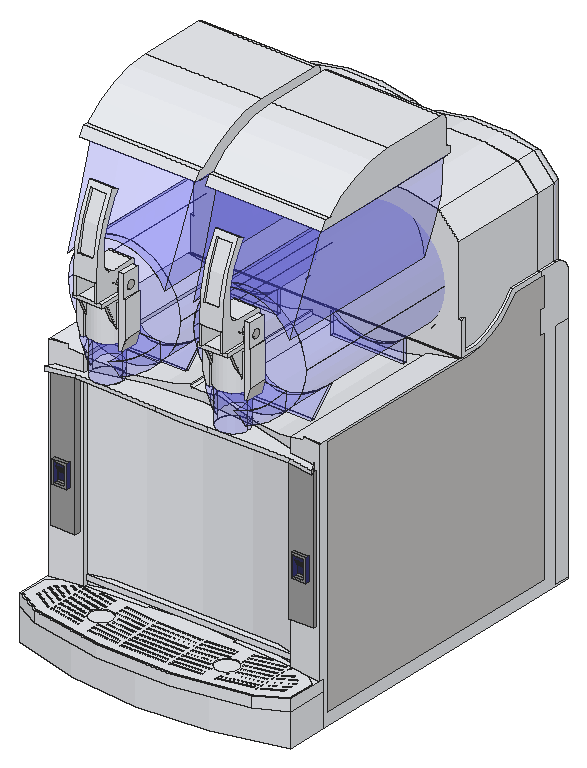
Revit family "QF_ELECTROLUXPROFESSIONAL_560050_NINA2UK", category Specialty Equipment, Revit 2018 (continued)
Automatic sketch dimensions
  plane 10 to curve 159 = 3.59 mm
  curve 159 to curve 160 = 1.194 mm
  curve 177 to plane 10 = 1.369 mm
  curve 177 to curve 176 = 1.389 mm
  curve 176 to curve 175 = 4.011 mm
  curve 175 to curve 174 = 3.03 mm
  curve 170 to curve 183 = 8.9 mm
  curve 171 to curve 170 = 0.0 mm
  curve 172 to curve 171 = 0.0 mm
  curve 173 to curve 172 = 0.0 mm
  curve 168 to curve 167 = 3.227 mm
  plane 5 "FRONT" to curve 184 = 20.343 mm
  curve 184 to curve 183 = 2.609 mm
  curve 148 to curve 147 = 4.797 mm
  curve 147 to curve 146 = 0.875 mm
  curve 146 to curve 141 = 3.227 mm
  curve 146 to curve 144 = 3.227 mm
  curve 145 to curve 144 = 0.0 mm
  curve 140 to curve 138 = 9.741 mm
  curve 139 to curve 138 = 0.0 mm
  curve 138 to curve 137 = 3.654 mm
  curve 137 to curve 136 = 1.538 mm
  curve 135 to plane 10 = 2.192 mm
  curve 134 to plane 10 = 0.268 mm
  curve 114 to curve 134 = 0.0 mm
  curve 6 to plane 6 "BACK" = 0.0 mm  (x2)
  curve 6 to curve 12 = 4.362 mm
  curve 6 to curve 6 = 0.004 mm
  curve 191 to plane 3 "Center (Left/Right)" = 5.0 mm
  plane 3 "Center (Left/Right)" to curve 191 = 5.0 mm
  curve 7 to plane 6 "BACK" = 0.001 mm  (x2)
  curve 13 to curve 7 = 4.354 mm
  curve 7 to curve 7 = 4.356 mm
  curve 114 to curve 58 = 0.0 mm
  curve 58 to plane 10 = 0.268 mm
  curve 58 to curve 59 = 1.022 mm
  curve 59 to curve 60 = 2.53 mm
  curve 60 to curve 61 = 1.538 mm
  curve 61 to curve 63 = 3.654 mm
  curve 63 to curve 66 = 9.741 mm
  curve 67 to curve 66 = 0.0 mm
  curve 68 to curve 67 = 0.0 mm
  curve 69 to curve 68 = 0.0 mm
  curve 65 to curve 64 = 0.0 mm
  curve 69 to curve 70 = 3.227 mm
  curve 70 to curve 71 = 0.875 mm
  plane 5 "FRONT" to curve 108 = 20.343 mm
  curve 107 to curve 108 = 2.609 mm
  curve 108 to curve 91 = 3.063 mm
  curve 91 to curve 92 = 3.227 mm
  curve 93 to curve 92 = 0.0 mm
  curve 94 to curve 93 = 0.0 mm
  curve 95 to curve 94 = 0.0 mm
  curve 96 to curve 95 = 0.0 mm
  curve 97 to curve 96 = 0.0 mm
  curve 98 to plane 10 = 11.571 mm
  curve 98 to curve 99 = 3.03 mm
  curve 100 to plane 10 = 3.771 mm
  curve 101 to plane 10 = 1.369 mm
  plane 10 to curve 83 = 3.59 mm
  curve 84 to curve 83 = 1.194 mm
  curve 8 to plane 6 "BACK" = 0.013 mm
  curve 8 to curve 9 = 14.054 mm
  curve 8 to plane 6 "BACK" = 0.012 mm
  curve 8 to curve 8 = 0.037 mm
  plane 10 to curve 111 = 6.754 mm
  curve 83 to curve 111 = 6.328 mm
  curve 111 to curve 112 = 1.05 mm
  curve 111 to curve 110 = 1.374 mm
  plane 10 to curve 82 = 3.5 mm
  curve 110 to curve 82 = 0.386 mm
  curve 82 to curve 81 = 4.125 mm
  curve 193 to curve 193 = 12.0 mm
  plane 8 "RIGHT" to curve 74 = 12.0 mm
  curve 75 to curve 74 = 0.0 mm
  curve 79 to curve 77 = 2.264 mm
  curve 78 to plane 10 = 3.925 mm
  curve 78 to curve 77 = 0.0 mm
  curve 23 to curve 74 = 0.0 mm
  curve 76 to curve 75 = 0.0 mm
  curve 110 to curve 22 = 6.743 mm
  curve 113 to curve 10 = 3.94 mm
  curve 18 to curve 115 = 5.89 mm
  curve 21 to curve 23 = 5.89 mm
  curve 23 to curve 74 = 2.287 mm
  curve 74 to curve 75 = 4.573 mm
  curve 150 to curve 151 = 4.573 mm
  curve 151 to curve 152 = 2.287 mm
  curve 77 to curve 78 = 2.287 mm
  curve 83 to curve 84 = 0.662 mm
  curve 159 to curve 160 = 0.662 mm
  plane 10 to curve 114 = 5.427 mm
  curve 22 to curve 112 = 7.581 mm
  curve 19 to curve 188 = 7.581 mm
  curve 188 to curve 190 = 0.422 mm
  curve 112 to curve 10 = 0.422 mm
  curve 193 to plane 9 = 73.749 mm
  curve 192 to plane 9 = 73.749 mm
  curve 191 to curve 114 = 58.61 mm
  curve 193 to curve 14 = 11.723 mm
  curve 192 to curve 11 = 11.723 mm
  curve 191 to curve 13 = 11.723 mm
  curve 191 to curve 12 = 11.723 mm
  Extrusion 41 sketch curve to plane 7 "LEFT" = 150.0 mm
  plane 7 "LEFT" to Extrusion 41 sketch curve = 0.0 mm
  plane 8 "RIGHT" to Extrusion 41 sketch curve = 0.0 mm
  Extrusion 41 sketch curve to plane 8 "RIGHT" = 150.0 mm
  Extrusion 41 sketch curve to plane 5 "FRONT" = 0.0 mm  (x2)
  plane 6 "BACK" to Extrusion 41 sketch curve = 0.0 mm
  Extrusion 41 sketch curve to Extrusion 41 sketch curve = 150.0 mm
  radius of Extrusion 3 sketch curve = 6.0 mm
  radius of Extrusion 4 sketch curve = 8.0 mm
  radius of Extrusion 5 sketch curve = 6.0 mm
  radius of Extrusion 6 sketch curve = 8.0 mm
  radius of Extrusion 7 sketch curve = 6.0 mm
  radius of Extrusion 8 sketch curve = 8.0 mm
  radius of Extrusion 9 sketch curve = 6.0 mm
  radius of Extrusion 10 sketch curve = 8.0 mm
  radius of Extrusion 25 sketch curve = 11.53 mm  (x2)
  radius of Extrusion 27 sketch curve = 10.0 mm
Nested families
  nested 1: "NINA1_Vasca" at (-65, 7.181, 24.5), type "NINA1_Vasca"
  nested 2: "NINA1_Vasca" at (65, 7.181, 24.586), type "NINA1_Vasca"
Connectors
  electrical at (0, 193.512, 25.877), driven by "Volts"
    settings: on Extrusion 27, index 1, voltage 230 V, apparent load 0 VA, apparent load phase1 0 VA, apparent load phase2 0 VA, apparent load phase3 0 VA, power factor 1, load classification "Other", number of poles 1, system type 30, power factor state 1, is connector primary yes, connector utility no, sub classification motor no, connector description "Electrical Connection"
Definition of nested family "NINA1_Vasca"
  Reference planes
    plane 1 "Center (Front/Back)": y = 0
    plane 2 "BASE": z = 0
    plane 3 "Center (Left/Right)": x = 0
    plane 4 "FEET": z = 14
    plane 5: y = -81
    plane 6 "SlopeBack": through (0, 294.5, 470.764) normal (0, 0.9659, 0.2588)
    plane 7 "TOP": z = 473
    plane 8: z = 250
    plane 9 "oblique": through (0, -111.213, 275.153) normal (0, -0.3746, 0.9272)
  Forms (mm)
    Extrusion 1, solid
      sketch origin (0, 93.757, 711) x (-1, 0, 0) y (0, -1, 0)
        loop
          circle (0, 226.958) r 15.5
      from -386.51 to -461.086
    Extrusion 2, solid
      sketch origin (0, 94.757, 746.22) x (-1, 0, 0) y (0, -1, 0)
        loop
          circle (0, 226.958) r 18
        loop
          circle (0, 226.958) r 16
      from -419.205 to -457.107
    Extrusion 3, solid
      sketch origin (0, 110.803, 696.477) x (-1, 0, 0) y (0, -1, 0)
        loop
          line (15.227, 270.303) -> (-15.227, 270.303) -> (-15.227, 224.483) -> (15.227, 224.483) -> (15.227, 270.303)
      from -363.359 to -367.263
    Extrusion 4, solid
      sketch origin (0, 64.882, -38.446) x (0, 1, 0) y (0, 0, 1)
        loop
          line (-226.563, 390.51) -> (-226.563, 371.564) -> (-178.92, 371.564) -> (-178.92, 391.372)
          arc (-178.92, 391.372) -> (-179.814, 393.531) -> (-181.974, 394.426) r 3.054
          line (-181.974, 394.426) -> (-206.974, 394.426)
          arc (-206.974, 394.426) -> (-214.474, 397.532) -> (-217.58, 405.032) r 10.607
          line (-217.58, 405.032) -> (-217.58, 427.635)
          arc (-217.58, 427.635) -> (-212.04, 445.462) -> (-203.889, 462.257) r 124.134
          line (-203.889, 462.257) -> (-201.54, 463.901) -> (-199.891, 466.614) -> (-206.196, 470.446)
          arc (-206.196, 470.446) -> (-222.352, 432) -> (-226.563, 390.51) r 141.074
      from 12 to -12
    Extrusion 5, solid
      sketch origin (-131, 110.803, -30.523) x (0, 1, 0) y (0, 0, 1)
        loop
          line (-264.5, 359.737) -> (-248.575, 325.586) -> (-246.902, 325.586) -> (-246.902, 359.737) -> (-264.5, 359.737)
      from 143.221 to 146.227
    Extrusion 6, solid
      sketch origin (0, -212.5, -30.716) x (-1, 0, 0) y (0, 0, 1)
        loop
          line (-18, 313.898) -> (-18, 386.88) -> (-23.482, 386.88) -> (-23.482, 363.641) -> (-24.969, 363.641) -> (-24.969, 326.88) -> (-21, 313.898) -> (-18, 313.898)
        loop
          line (18, 313.898) -> (21, 313.898) -> (24.969, 326.88) -> (24.969, 363.641) -> (23.482, 363.641) -> (23.482, 386.88) -> (18, 386.88) -> (18, 313.898)
      from 89.299 to 71.184
    Extrusion 7, solid
      sketch origin (0, 110.803, 840.775) x (-1, 0, 0) y (0, -1, 0)
        loop
          line (-15.227, 246.902) -> (-15.227, 225.09) -> (15.227, 225.09) -> (15.227, 246.902) -> (-15.227, 246.902)
      from -507.658 to -503.341
    Extrusion 8, void
      sketch origin (0, 100.803, -34.78) x (0, 1, 0) y (0, 0, 1)
        loop
          circle (-234.353, 378.005) r 3.978
      from 24.969 to -24.969
    Extrusion 9, solid
      sketch origin (0, 100.803, -34.78) x (0, 1, 0) y (0, 0, 1)
        loop
          circle (-234.353, 378.005) r 3.978
      from 24 to -24
    Extrusion 10, solid
      sketch origin (0, 212.5, -83.88) x (-1, 0, 0) y (0, 0, 1)
        loop
          circle (0, 394.542) r 62
        loop
          circle (0, 394.542) r 58
      from -129.207 to -140.93
    Extrusion 11, solid
      sketch origin (0, -212.5, 101.858) x (-1, 0, 0) y (0, 0, 1)
        loop
          line (49.6, 238.868) -> (54.311, 328.744) -> (58.38, 328.744) -> (58.38, 331.36) -> (-58.38, 331.36) -> (-58.38, 328.744) -> (-54.311, 328.744) -> (-49.6, 238.868)
          arc (-49.6, 238.868) -> (0, 266.804) -> (49.6, 238.868) r 58
      from 70.017 to 284.07
    Blend 12, void
      base sketch origin (0, 16.422, 0) x (1, 0, 0) y (0, 1, 0)
        loop
          arc (82, -118.5) -> (-0.5, -148.501) -> (-83, -118.5) r 128.434
          line (-83, -118.5) -> (-83, -163.5) -> (82, -163.5) -> (82, -118.5)
      top sketch origin (0, 16.422, 0) x (1, 0, 0) y (0, 1, 0)
        loop
          line (-83, -87.516) -> (-83, -163.5) -> (82, -163.5) -> (82, -87.516)
          arc (82, -87.516) -> (-0.5, -101.483) -> (-83, -87.516) r 250.65
      from 340 to 451.416
    Extrusion 13, void
      sketch origin (0, 0, 0) x (0, 1, 0) y (0, 0, 1)
        loop
          arc (-144.281, 426.88) -> (-155.374, 400.936) -> (-161.083, 373.302) r 141.074
          line (-161.083, 373.302) -> (-159.474, 373.302)
          arc (-159.474, 373.302) -> (-153.828, 400.519) -> (-142.898, 426.075) r 139.474
          line (-142.898, 426.075) -> (-144.281, 426.88)
      from -8 to 8
    Extrusion 14, solid
      sketch origin (0, 0, 0) x (0, 1, 0) y (0, 0, 1)
        loop
          line (71.57, 439.787) -> (66.342, 441.879) -> (66.342, 466.879)
          arc (66.342, 466.879) -> (64.549, 471.207) -> (60.221, 473) r 6.121
          line (60.221, 473) -> (-8.308, 473)
          arc (-8.308, 473) -> (-48.867, 464.422) -> (-83.658, 441.879) r 113.743
          line (-83.658, 441.879) -> (-88.658, 441.879) -> (-93.658, 433.219) -> (71.57, 433.219) -> (71.57, 439.787)
      from 60 to -60
    Extrusion 15, void
      sketch origin (0, -212.5, 0) x (-1, 0, 0) y (0, 0, 1)
        loop
          circle (0, 310.663) r 58
      from 252.476 to 256.393
    Extrusion 16, solid
      sketch origin (0, 0, 0) x (0, 1, 0) y (0, 0, 1)
        loop
          line (43.893, 274.394) -> (39.976, 274.394) -> (39.976, 243.352) -> (43.893, 243.352) -> (43.893, 274.394)
      from -38 to 38
    Extrusion 17, solid
      sketch origin (0, 0, 0) x (0, 1, 0) y (0, 0, 1)
        loop
          line (-79.951, 243.352) -> (-75.844, 243.352) -> (-44.478, 274.718) -> (-48.585, 274.718) -> (-79.951, 243.352)
      from -38 to 38
    Extrusion 18, void
      sketch origin (0, -212.5, 0) x (-1, 0, 0) y (0, 0, 1)
        loop
          circle (0, 310.663) r 58
      from 130.305 to 168.022
    Extrusion 19, solid
      sketch origin (0, -212.5, 0) x (-1, 0, 0) y (0, 0, 1)
        loop
          circle (0, 310.663) r 58
      from 284.07 to 101.287
    Blend 20, void
      base sketch origin (0, -51.422, 0) x (1, 0, 0) y (0, 1, 0)
        loop
          line (82, 118.5) -> (82, 163.5) -> (-83, 163.5) -> (-83, 118.5)
          arc (-83, 118.5) -> (-0.5, 148.501) -> (82, 118.5) r 128.434
      top sketch origin (0, -51.422, 0) x (1, 0, 0) y (0, 1, 0)
        loop
          arc (-83, 87.516) -> (-0.5, 111) -> (82, 87.516) r 156.656
          line (82, 87.516) -> (82, 163.5) -> (-83, 163.5) -> (-83, 87.516)
      from 426.709 to 337.435
    Extrusion 21, solid
      sketch origin (131, 110.803, -30.523) x (0, 1, 0) y (0, 0, -1)
        loop
          line (-264.5, -359.737) -> (-246.902, -359.737) -> (-246.902, -325.586) -> (-248.575, -325.586) -> (-264.5, -359.737)
      from 143.221 to 146.227
    Extrusion 22, void
      sketch origin (0, -212.5, 0) x (-1, 0, 0) y (0, 0, 1)
        loop
          line (9.387, 352.063) -> (-9.387, 352.063) -> (-9.387, 333.118) -> (9.387, 333.118) -> (9.387, 352.063)
      from 47.252 to 98.82
    Extrusion 23, solid
      sketch origin (0, -111.175, 275.168) x (0, 0.927184, 0.374607) y (-1, 0, 0)
        loop
          line (3.629, -37.924) -> (3.629, 37.076)
          arc (3.629, 37.076) -> (-33.871, -0.424) -> (3.629, -37.924) r 37.5
      from -9 to 10
    Extrusion 24, void
      sketch origin (0, 93.757, 711) x (-1, 0, 0) y (0, -1, 0)
        loop
          circle (0, 226.958) r 15.5
      from -386.51 to -461.086
  Cuts and joins
    Extrusion 13, Blend 20, Extrusion 22 cuts Extrusion 4
    Extrusion 13 cuts Extrusion 5
    joined: Extrusion 5, Extrusion 21
    Extrusion 8 cuts Extrusion 6
    Blend 12, Extrusion 18, Blend 20 cuts Extrusion 11
    Extrusion 15, Extrusion 18 cuts Extrusion 16
    Extrusion 18 cuts Extrusion 17
    Blend 20 cuts Extrusion 14
    Extrusion 24 cuts Extrusion 23
    joined: Extrusion 19, Extrusion 23
  Lines and regions (mm)
    symbolic lines
      curve 1: line (-60, 71.57, 0) -> (-60, -93.658, 0)
      curve 2: line (60, 71.57, 0) -> (-60, 71.57, 0)
      curve 3: line (62, 83.293, 0) -> (-62, 83.293, 0)
      curve 4: line (60, 66.342, 0) -> (-60, 66.342, 0)
      curve 5: line (60, -93.658, 0) -> (60, 71.57, 0)
      curve 6: line (-60, -8.308, 0) -> (60, -8.308, 0)
      curve 7: line (-60, -83.658, 0) -> (60, -83.658, 0)
      curve 8: line (-60, -88.658, 0) -> (60, -88.658, 0)
      curve 9: line (-60, -93.658, 0) -> (60, -93.658, 0)
      curve 10: arc (58.38, -88.744, 0) -> (-0.61, -100.704, 0) -> (-59.583, -88.658, 0) r 150.92
      curve 11: spline (-53.991, -93.658, 0) -> (-53.625, -96.009, 0) -> (-53.259, -98.364, 0) -> (-52.893, -100.722, 0) -> (-52.527, -103.083, 0) -> (-52.161, -105.448, 0) -> (-51.795, -107.816, 0) -> (-51.429, -110.187, 0) -> (-51.063, -112.561, 0) -> (-50.697, -114.938, 0) -> (-50.332, -117.319, 0) -> (-49.966, -119.703, 0) -> (-49.6, -122.091, 0)
      curve 12: line (-58, -111.213, 0) -> (58, -111.213, 0)
      curve 13: spline (-35.314, -122.091, 0) -> (-34.789, -123.514, 0) -> (-34.198, -124.914, 0) -> (-33.543, -126.29, 0) -> (-32.824, -127.638, 0) -> (-32.043, -128.957, 0) -> (-31.201, -130.242, 0) -> (-30.3, -131.493, 0) -> (-29.341, -132.706, 0) -> (-28.327, -133.88, 0) -> (-27.259, -135.012, 0) -> (-26.139, -136.1, 0) -> (-24.969, -137.142, 0)
      curve 14: arc (24.969, -137.699, 0) -> (31.833, -130.581, 0) -> (36.174, -121.696, 0) r 31.75
      curve 15: arc (15.227, -143.45, 0) -> (17.568, -142.495, 0) -> (19.804, -141.316, 0) r 25.92
      curve 16: line (-12, -161.838, 0) -> (12, -161.838, 0)
      curve 17: line (12, -161.838, 0) -> (12, -121.838, 0)
      curve 18: line (18, -137.528, 0) -> (12, -137.528, 0)
      curve 19: line (18, -129.571, 0) -> (12, -129.571, 0)
      curve 20: line (18, -123.201, 0) -> (18, -141.316, 0)
      curve 21: line (24.969, -123.201, 0) -> (18, -123.201, 0)
      curve 22: line (18, -141.316, 0) -> (24.969, -141.316, 0)
      curve 23: line (24.969, -141.316, 0) -> (24.969, -123.201, 0)
      curve 24: line (23.482, -141.316, 0) -> (23.482, -123.201, 0)
      curve 25: line (-12, -135.009, 0) -> (12, -135.009, 0)
      curve 26: line (12, -141.314, 0) -> (-12, -141.314, 0)
      curve 27: line (8, -161.083, 0) -> (-8, -161.083, 0)
      curve 28: line (8, -159.474, 0) -> (-8, -159.474, 0)
      curve 29: line (8, -161.083, 0) -> (8, -144.281, 0)
      curve 30: line (-8, -144.281, 0) -> (-8, -161.083, 0)
      curve 31: line (-8, -144.281, 0) -> (8, -144.281, 0)
      curve 32: line (-24.969, -123.201, 0) -> (-24.969, -141.316, 0)
      curve 33: line (-23.482, -123.201, 0) -> (-23.482, -141.316, 0)
      curve 34: line (-18, -141.316, 0) -> (-18, -123.201, 0)
      curve 35: line (-18, -129.548, 0) -> (-12, -129.548, 0)
      curve 36: line (-18, -137.527, 0) -> (-12, -137.527, 0)
      curve 37: line (-12, -122.386, 0) -> (-12, -161.838, 0)
      curve 38: line (-24.969, -123.201, 0) -> (-18, -123.201, 0)
      curve 39: line (-24.969, -141.316, 0) -> (-18, -141.316, 0)
      curve 41: line (-49.6, -122.091, 0) -> (49.381, -122.091, 0)
      curve 42: line (49.381, -122.091, 0) -> (53.884, -93.658, 0)
      curve 43: line (-58, -93.658, 0) -> (-58, -111.213, 0)
      curve 44: line (58, -111.213, 0) -> (58, -93.658, 0)
      curve 45: line (-62, 71.57, 0) -> (-62, 83.293, 0)
      curve 46: line (62, 71.57, 0) -> (62, 83.293, 0)
      curve 47: line (-18.887, -141.316, 0) -> (-15.227, -143.181, 0)
      curve 48: line (-15.227, -137.527, 0) -> (-15.227, -159.5, 0)
      curve 49: line (15.227, -159.5, 0) -> (15.227, -137.528, 0)
      curve 50: line (-15.227, -159.5, 0) -> (-12, -159.5, 0)
      curve 51: line (15.227, -159.5, 0) -> (12, -159.5, 0)
    model lines
      curve 40: line (49.381, -122.091, 0) -> (53.884, -93.658, 0)
  Dimensions and locks
    plane 7 "TOP" to level = 473.0 mm  (x2)
    plane 8 to level = 250.0 mm  (x2)
    aligned and locked: level to plane 2 "BASE"
